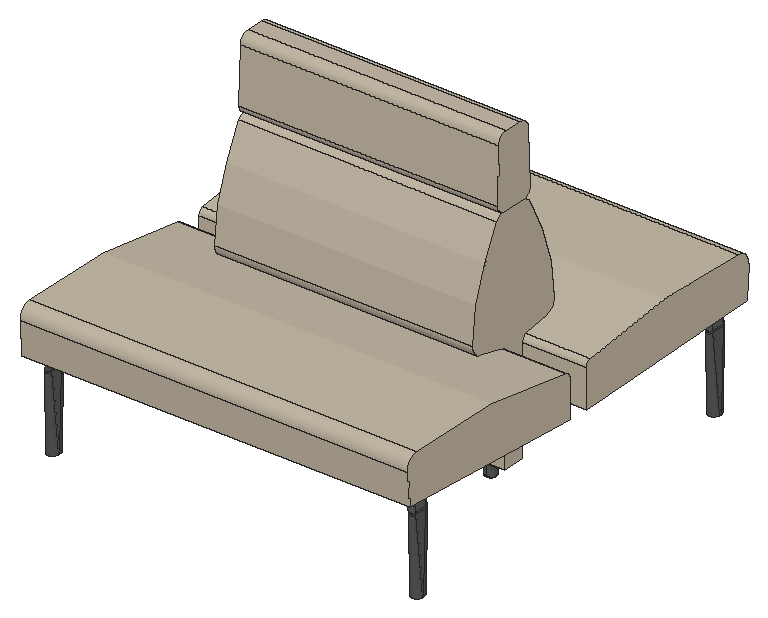
Revit family "FU_Modular_Sandler_Ambit 1057", category Furniture, Revit 2020
Family settings
  OmniClass Number = 23.40.20.00
  OmniClass Title = General Furniture and Specialties
  Work Plane-Based = No
  Always vertical = Yes
  Cut with Voids When Loaded = No
  Shared = No
  Room Calculation Point = No
Parameters (values of type "Ambit 1057")
  Width = 1200 mm
  URL = "https://www.sandlerseating.com/product/ambit-1057/"
  Seat [instance] = Fabric - Mainline Flax - Upminster MLF20
  Panel Height = 990 mm
  Panel [instance] = Fabric - Mainline Flax - Upminster MLF20
  Model = "Ambit 1057"
  Manufacturer = "Sandler"
  Back Height = 770 mm
  Frame [instance] = Metal - Paint -AL VR - Matt Jet Black
  Description = "Modular seating system. Upholstered seat and back, with feet in cast aluminium."
  Depth = 1320 mm
  Default Elevation = 0 mm
  Back [instance] = Fabric - Mainline Flax - Upminster MLF20
Reference planes
  plane 1 "Center (Front/Back)": y = 0
  plane 2: z = 0
  plane 3 "Center (Left/Right)": x = 0
  plane 4 "Right": x = -600
  plane 5 "Left": x = 600
  plane 6 "Back": y = 660
  plane 7 "Front": y = -660
  plane 8 "Height": z = 770
  plane 9 "Seat height": z = 430
  plane 10 "Panel Height": z = 990
Dimensions and locks
  equal spacing: plane 4 "Right", plane 3 "Center (Left/Right)", plane 5 "Left"
  "Width": plane 4 "Right" to plane 5 "Left"
  equal spacing: plane 6 "Back", plane 1 "Center (Front/Back)", plane 7 "Front"
  "Depth": plane 6 "Back" to plane 7 "Front"
  "Back Height": plane 8 "Height" to level
  plane 9 "Seat height" to level = 430 mm
  "Panel Height": plane 10 "Panel Height" to level
  aligned and locked: level to plane 2
Nested families
  nested 1: "Ambit DoubleBack" at (0, 0, 0), Back <- "Back", Frame <- "Frame", type "Ambit DoubleBack"
    with Frame Metal - Paint -AL VR - Matt Jet Black, Back Fabric - Mainline Flax - Upminster MLF20
  nested 2: "Ambit Double-Panel" at (0, 0, 0), Panel <- "Panel", type "Ambit Double-Panel"
    with Panel Fabric - Mainline Flax - Upminster MLF20
  nested 3: "Ambit Seat" at (0, -310, 0), Frame <- "Frame", Seat <- "Seat", type "Seat 1200mm"
    with Seat Fabric - Mainline Flax - Upminster MLF20, Frame Metal - Paint -AL VR - Matt Jet Black
  nested 4: "Ambit Seat" at (0, 310, 0), Frame <- "Frame", Seat <- "Seat", type "Seat 1200mm"
    with Seat Fabric - Mainline Flax - Upminster MLF20, Frame Metal - Paint -AL VR - Matt Jet Black
Definition of nested family "Ambit DoubleBack"
  Parameters (values of type "Ambit DoubleBack")
    Width = 800 mm
    Height = 770 mm
    Frame [instance] = none
    Depth = 320 mm
    Default Elevation = 0 mm
    Back [instance] = none
  Reference planes
    plane 1 "Center (Front/Back)": y = 0
    plane 2: z = 0
    plane 3 "Center (Left/Right)": x = 0
    plane 4 "Right": x = -400
    plane 5 "Left": x = 400
    plane 6 "Back": y = 160
    plane 7 "Front": y = -160
    plane 8 "Height": z = 770
    plane 9 "Seat height": z = 430
  Forms (mm)
    Revolve 1, solid, material <- "Frame"
      sketch origin (330.534, -318.685, 0) x (0, 1, 0) y (0, 0, 1)
        loop
          line (304.423, 40.637) -> (301.57, 2.1)
          arc (301.57, 2.1) -> (301.901, 0.817) -> (302.944, 0) r 2.065
          line (302.944, 0) -> (318.961, 0) -> (318.961, 48.022) -> (299.441, 48.022) -> (299.441, 46.076)
          arc (299.441, 46.076) -> (303.107, 44.432) -> (304.423, 40.637) r 5.065
        axis (318.961, 48.022) -> (318.961, 0)
      angle from 0 to 360
    Extrusion 2, solid, material <- "Frame"
      sketch origin (-0.482, -318.685, 51.603) x (0, -1, 0) y (1, 0, 0)
        loop
          arc (-347.852, 290.046) -> (-347.258, 288.613) -> (-345.824, 288.019) r 2.027
          line (-345.824, 288.019) -> (-291.875, 288.019)
          arc (-291.875, 288.019) -> (-290.444, 288.611) -> (-289.852, 290.042) r 2.023
          line (-289.852, 290.042) -> (-289.852, 372.037)
          arc (-289.852, 372.037) -> (-290.431, 373.436) -> (-291.83, 374.016) r 1.978
          line (-291.83, 374.016) -> (-345.837, 374.016)
          arc (-345.837, 374.016) -> (-347.262, 373.426) -> (-347.852, 372.001) r 2.015
          line (-347.852, 372.001) -> (-347.852, 290.046)
      from -5.528 to 0
    Revolve 3, solid, material <- "Frame"
      sketch origin (-330.534, -318.685, 0) x (0, 1, 0) y (0, 0, -1)
        loop
          arc (304.423, -40.637) -> (303.107, -44.432) -> (299.441, -46.076) r 5.065
          line (299.441, -46.076) -> (299.441, -48.022) -> (318.961, -48.022) -> (318.961, 0) -> (302.944, 0)
          arc (302.944, 0) -> (301.901, -0.817) -> (301.57, -2.1) r 2.065
          line (301.57, -2.1) -> (304.423, -40.637)
        axis (318.961, -48.022) -> (318.961, 0)
      angle from 0 to 360
    Extrusion 4, solid, material <- "Frame"
      sketch origin (0.482, -318.685, 51.603) x (0, -1, 0) y (1, 0, 0)
        loop
          line (-347.852, -290.046) -> (-347.852, -372.001)
          arc (-347.852, -372.001) -> (-347.262, -373.426) -> (-345.837, -374.016) r 2.015
          line (-345.837, -374.016) -> (-291.83, -374.016)
          arc (-291.83, -374.016) -> (-290.431, -373.436) -> (-289.852, -372.037) r 1.978
          line (-289.852, -372.037) -> (-289.852, -290.042)
          arc (-289.852, -290.042) -> (-290.444, -288.611) -> (-291.875, -288.019) r 2.023
          line (-291.875, -288.019) -> (-345.824, -288.019)
          arc (-345.824, -288.019) -> (-347.258, -288.613) -> (-347.852, -290.046) r 2.027
      from -5.528 to 0
    Extrusion 5, solid, material <- "Back"
      sketch origin (0, 0, 0) x (0, 1, 0) y (0, 0, 1)
        loop
          line (-33, 51.603) -> (33, 51.603) -> (33, 376.265)
          arc (33, 376.265) -> (37.75, 387.916) -> (48.518, 394.425) r 20
          arc (48.518, 394.425) -> (88.097, 402.963) -> (127.858, 410.609) r 1800.168
          arc (127.858, 410.609) -> (148.84, 423.03) -> (156.619, 446.139) r 35
          arc (156.619, 446.139) -> (130.105, 606.219) -> (62.425, 753.69) r 611.524
          arc (62.425, 753.69) -> (49.728, 765.652) -> (32.833, 770) r 35
          line (32.833, 770) -> (-32.833, 770)
          arc (-32.833, 770) -> (-49.728, 765.652) -> (-62.425, 753.69) r 35
          arc (-62.425, 753.69) -> (-130.105, 606.219) -> (-156.619, 446.139) r 611.524
          arc (-156.619, 446.139) -> (-148.84, 423.03) -> (-127.858, 410.609) r 35
          arc (-127.858, 410.609) -> (-88.097, 402.963) -> (-48.518, 394.425) r 1800.168
          arc (-48.518, 394.425) -> (-37.75, 387.916) -> (-33, 376.265) r 20
          line (-33, 376.265) -> (-33, 51.603)
      from -400 to 400
  Dimensions and locks
    equal spacing: plane 4 "Right", plane 3 "Center (Left/Right)", plane 5 "Left"
    "Width": plane 4 "Right" to plane 5 "Left"
    equal spacing: plane 6 "Back", plane 1 "Center (Front/Back)", plane 7 "Front"
    "Depth": plane 6 "Back" to plane 7 "Front"
    "Height": plane 8 "Height" to level
    plane 9 "Seat height" to level = 430 mm
    aligned and locked: level to plane 2
  Automatic sketch dimensions
    Revolve 1 sketch curve to level = 0 mm
    level to Revolve 1 sketch curve = 41.011 mm
    Revolve 1 sketch curve to plane 6 "Back" = 179.313 mm
    Revolve 1 sketch curve to Revolve 1 sketch curve = 0.069 mm
    level to Revolve 1 sketch curve = 2.1 mm
    Revolve 1 sketch curve to Revolve 1 sketch curve = 2.198 mm
    Revolve 1 sketch curve to Revolve 1 sketch curve = 1.373 mm
    level to Revolve 1 sketch curve = 1.947 mm
    level to Revolve 1 sketch curve = 40.637 mm
    Revolve 1 sketch curve to Revolve 1 sketch curve = 5.051 mm
    Revolve 1 sketch curve to Revolve 1 sketch curve = 15.332 mm
    Revolve 1 sketch curve to Revolve 1 sketch curve = 7.385 mm
    Revolve 1 sketch curve to Revolve 1 sketch curve = 0 mm
    Revolve 1 sketch curve to level = 4.899 mm
    Revolve 1 sketch curve to Revolve 1 sketch curve = 5 mm
    plane 5 "Left" to Extrusion 2 sketch curve = 110.435 mm
    Extrusion 2 sketch curve to plane 6 "Back" = 130.833 mm
    Extrusion 2 sketch curve to Extrusion 2 sketch curve = 2.015 mm
    Extrusion 2 sketch curve to Extrusion 2 sketch curve = 2.027 mm
    Extrusion 2 sketch curve to Extrusion 2 sketch curve = 53.95 mm
    Extrusion 2 sketch curve to Extrusion 2 sketch curve = 54.007 mm
    Extrusion 2 sketch curve to Extrusion 2 sketch curve = 2.023 mm
    plane 5 "Left" to Extrusion 2 sketch curve = 28.481 mm
    Revolve 3 sketch curve to level = 0 mm
    level to Revolve 3 sketch curve = 41.011 mm
    Revolve 3 sketch curve to plane 6 "Back" = 179.313 mm
    Revolve 3 sketch curve to Revolve 3 sketch curve = 0.069 mm
    level to Revolve 3 sketch curve = 2.1 mm
    Revolve 3 sketch curve to Revolve 3 sketch curve = 2.198 mm
    Revolve 3 sketch curve to Revolve 3 sketch curve = 1.373 mm
    level to Revolve 3 sketch curve = 1.947 mm
    level to Revolve 3 sketch curve = 40.637 mm
    Revolve 3 sketch curve to Revolve 3 sketch curve = 5.051 mm
    Revolve 3 sketch curve to Revolve 3 sketch curve = 15.332 mm
    Revolve 3 sketch curve to Revolve 3 sketch curve = 1.946 mm
    Revolve 3 sketch curve to Revolve 3 sketch curve = 0 mm
    Revolve 3 sketch curve to Revolve 3 sketch curve = 5 mm
    Revolve 3 sketch curve to level = 4.899 mm
    Extrusion 4 sketch curve to plane 4 "Right" = 110.435 mm
    Extrusion 4 sketch curve to plane 6 "Back" = 130.833 mm
    Extrusion 4 sketch curve to Extrusion 4 sketch curve = 2.015 mm
    Extrusion 4 sketch curve to Extrusion 4 sketch curve = 2.027 mm
    Extrusion 4 sketch curve to Extrusion 4 sketch curve = 53.95 mm
    Extrusion 4 sketch curve to Extrusion 4 sketch curve = 54.007 mm
    Extrusion 4 sketch curve to Extrusion 4 sketch curve = 2.023 mm
    Extrusion 4 sketch curve to plane 4 "Right" = 28.481 mm
    Extrusion 5 sketch curve to plane 8 "Height" = 0 mm
    Extrusion 5 sketch curve to plane 7 "Front" = 287.893 mm
    Extrusion 5 sketch curve to plane 9 "Seat height" = 2.863 mm  (x2)
    Extrusion 5 sketch curve to plane 7 "Front" = 294.609 mm
    plane 9 "Seat height" to Extrusion 5 sketch curve = 15.052 mm  (x2)
    plane 7 "Front" to Extrusion 5 sketch curve = 38.364 mm
    plane 1 "Center (Front/Back)" to Extrusion 5 sketch curve = 52.955 mm
    plane 1 "Center (Front/Back)" to Extrusion 5 sketch curve = 33 mm
    plane 1 "Center (Front/Back)" to Extrusion 5 sketch curve = 32.833 mm
    Extrusion 5 sketch curve to plane 1 "Center (Front/Back)" = 32.833 mm
    Extrusion 5 sketch curve to plane 1 "Center (Front/Back)" = 33 mm
    Extrusion 5 sketch curve to Extrusion 5 sketch curve = 19.955 mm
    Extrusion 5 sketch curve to plane 6 "Back" = 38.364 mm
    plane 6 "Back" to Extrusion 5 sketch curve = 294.609 mm
    plane 6 "Back" to Extrusion 5 sketch curve = 287.893 mm
    Extrusion 5 sketch curve to plane 9 "Seat height" = 53.735 mm  (x2)
    Extrusion 5 sketch curve to Extrusion 5 sketch curve = 1.342 mm  (x2)
    level to Extrusion 5 sketch curve = 51.603 mm
    Extrusion 5 sketch curve to level = 1360.883 mm
    Extrusion 5 sketch curve to Extrusion 5 sketch curve = 0 mm  (x6)
    Extrusion 5 sketch curve to Extrusion 5 sketch curve = 35 mm  (x2)
    plane 7 "Front" to Extrusion 5 sketch curve = 3.381 mm
Definition of nested family "Ambit Double-Panel"
  Parameters (values of type "Ambit Double-Panel")
    Width = 800 mm
    URL = ""
    Panel [instance] = none
    Overall Height = 990 mm
    Model = ""
    Manufacturer = ""
    Back Height = 770 mm
    Description = "Modular seating system."
    Depth = 700 mm
    Default Elevation = 0 mm
  Reference planes
    plane 1 "Center (Front/Back)": y = 0
    plane 2: z = 0
    plane 3 "Center (Left/Right)": x = 0
    plane 4 "Right": x = -400
    plane 5 "Left": x = 400
    plane 6 "Back": y = 350
    plane 7 "Front": y = -350
    plane 8 "Back Height": z = 770
    plane 9 "Seat height": z = 430
    plane 10 "Panel Height": z = 990
  Forms (mm)
    Extrusion 1, solid, material <- "Panel"
      sketch origin (400, -318.284, 0) x (0, -1, 0) y (0, 0, 1)
        loop
          arc (-256.086, 794.464) -> (-258.115, 877.998) -> (-261.552, 961.487) r 4957.368
          arc (-261.552, 961.487) -> (-270.834, 981.732) -> (-291.515, 990) r 30
          line (-291.515, 990) -> (-345.053, 990)
          arc (-345.053, 990) -> (-365.734, 981.732) -> (-375.016, 961.487) r 30
          arc (-375.016, 961.487) -> (-378.453, 877.998) -> (-380.483, 794.464) r 4957.368
          arc (-380.483, 794.464) -> (-373.567, 777.189) -> (-356.404, 770) r 24.082
          line (-356.404, 770) -> (-280.164, 770)
          arc (-280.164, 770) -> (-263.001, 777.189) -> (-256.086, 794.464) r 24.082
      from 0 to 800
  Dimensions and locks
    equal spacing: plane 4 "Right", plane 3 "Center (Left/Right)", plane 5 "Left"
    "Width": plane 4 "Right" to plane 5 "Left"
    equal spacing: plane 6 "Back", plane 1 "Center (Front/Back)", plane 7 "Front"
    "Depth": plane 6 "Back" to plane 7 "Front"
    "Back Height": plane 8 "Back Height" to level
    plane 9 "Seat height" to level = 430 mm
    "Overall Height": plane 10 "Panel Height" to level
    aligned and locked: level to plane 2
  Automatic sketch dimensions
    Extrusion 1 sketch curve to plane 8 "Back Height" = 0 mm
    Extrusion 1 sketch curve to plane 10 "Panel Height" = 0 mm
    Extrusion 1 sketch curve to plane 8 "Back Height" = 54.159 mm  (x2)
    plane 6 "Back" to Extrusion 1 sketch curve = 4544.546 mm
    Extrusion 1 sketch curve to plane 1 "Center (Front/Back)" = 38.12 mm
    Extrusion 1 sketch curve to plane 1 "Center (Front/Back)" = 26.769 mm
    plane 1 "Center (Front/Back)" to Extrusion 1 sketch curve = 26.769 mm
    plane 1 "Center (Front/Back)" to Extrusion 1 sketch curve = 38.12 mm
    Extrusion 1 sketch curve to plane 7 "Front" = 4544.546 mm
    plane 8 "Back Height" to Extrusion 1 sketch curve = 24.082 mm  (x2)
    Extrusion 1 sketch curve to Extrusion 1 sketch curve = 30 mm  (x2)
    Extrusion 1 sketch curve to Extrusion 1 sketch curve = 0 mm  (x2)
Definition of nested family "Ambit Seat"
  Parameters (values of type "Seat 800mm")
    Width = 800 mm
    URL = ""
    Seat [instance] = none
    Model = ""
    Manufacturer = ""
    Height = 770 mm
    Frame [instance] = none
    Description = "Modular seating system."
    Depth = 700 mm
    Default Elevation = 0 mm
  Types (3, lengths in mm): name | Width
    (no name) | 800
    Seat 800mm | 800
    Seat 1200mm | 1200
  Reference planes
    plane 1 "Center (Front/Back)": y = 0
    plane 2: z = 0
    plane 3 "Center (Left/Right)": x = 0
    plane 4 "Right": x = -400
    plane 5 "Left": x = 400
    plane 6 "Back": y = 350
    plane 7 "Front": y = -350
    plane 8 "Height": z = 770
    plane 9 "Seat height": z = 430
    plane 10 "FFT C RIGHT": z = 285.404
    plane 11 "Frame Left": x = -364
    plane 12 "Frame Right": x = 364
  Forms (mm)
    SweptBlend 1, solid, material <- "Frame"
      path origin (0, -265.648, 0) x (0, 0, -1) y (1, 0, 0)
        loop
          line (0, 364.075) -> (-239.72, 364.075)
      profile "Pro_Ambit_FFoot : Pro_Ambit_FFoot" origin (364.075, -265.648, 0) x (-1, 0, 0) y (0, -1, 0)
        loop
          arc (17.452, 3.305) -> (0, 20.142) -> (-17.452, 3.305) r 17.463
          line (-17.452, 3.305) -> (-17.452, -3.305)
          arc (-17.452, -3.305) -> (0, -20.142) -> (17.452, -3.305) r 17.463
          line (17.452, -3.305) -> (17.452, 3.305)
      end profile "Pro_Ambit_FF : Pro_Ambit_FF" origin (364.075, -265.648, 239.72) x (-1, 0, 0) y (0, -1, 0)
        loop
          arc (-10, -20.066) -> (0, -30.066) -> (10, -20.066) r 10
          line (10, -20.066) -> (10, 20.066)
          arc (10, 20.066) -> (0, 30.066) -> (-10, 20.066) r 10
          line (-10, 20.066) -> (-10, -20.066)
    Sweep 2, solid, material <- "Frame"
      path origin (0, -265.648, 0) x (0, 0, -1) y (1, 0, 0)
        loop
          line (-234.72, -364.14) -> (-239.72, -364.14)
          arc (-239.72, -364.14) -> (-272.419, -345.952) -> (-285.404, -310.86) r 53.912
          line (-285.404, -310.86) -> (-285.404, 310.86)
          arc (-285.404, 310.86) -> (-272.419, 345.952) -> (-239.72, 364.14) r 53.912
          line (-239.72, 364.14) -> (-234.72, 364.14)
      profile "Pro_Ambit_FF : Pro_Ambit_FF" origin (0, -265.648, 285.404) x (0, 0, 1) y (0, -1, 0)
        loop
          arc (-10, -20.066) -> (0, -30.066) -> (10, -20.066) r 10
          line (10, -20.066) -> (10, 20.066)
          arc (10, 20.066) -> (0, 30.066) -> (-10, 20.066) r 10
          line (-10, 20.066) -> (-10, -20.066)
    SweptBlend 3, solid, material <- "Frame"
      path origin (0, -265.648, 0) x (0, 0, -1) y (-1, 0, 0)
        loop
          line (0, 364.075) -> (-239.72, 364.075)
      profile "Pro_Ambit_FFoot : Pro_Ambit_FFoot" origin (-364.075, -265.648, 0) x (-1, 0, 0) y (0, -1, 0)
        loop
          line (-17.452, 3.305) -> (-17.452, -3.305)
          arc (-17.452, -3.305) -> (0, -20.142) -> (17.452, -3.305) r 17.463
          line (17.452, -3.305) -> (17.452, 3.305)
          arc (17.452, 3.305) -> (0, 20.142) -> (-17.452, 3.305) r 17.463
      end profile "Pro_Ambit_FF : Pro_Ambit_FF" origin (-364.075, -265.648, 239.72) x (-1, 0, 0) y (0, -1, 0)
        loop
          line (-10, 20.066) -> (-10, -20.066)
          arc (-10, -20.066) -> (0, -30.066) -> (10, -20.066) r 10
          line (10, -20.066) -> (10, 20.066)
          arc (10, 20.066) -> (0, 30.066) -> (-10, 20.066) r 10
    Extrusion 4, solid, material <- "Seat"
      sketch origin (-400, 0, 0) x (0, -1, 0) y (0, 0, 1)
        loop
          line (343.115, 289.761) -> (350.038, 388.028)
          arc (350.038, 388.028) -> (340.698, 416.645) -> (314.05, 430.647) r 40
          arc (314.05, 430.647) -> (24.831, 435.731) -> (-261.468, 394.425) r 1800.168
          arc (-261.468, 394.425) -> (-272.664, 387.398) -> (-277.031, 374.923) r 20
          line (-277.031, 374.923) -> (-277.031, 260.098) -> (343.115, 289.761)
      from -800 to 0
  Dimensions and locks
    equal spacing: plane 4 "Right", plane 3 "Center (Left/Right)", plane 5 "Left"
    "Width": plane 4 "Right" to plane 5 "Left"
    equal spacing: plane 6 "Back", plane 1 "Center (Front/Back)", plane 7 "Front"
    "Depth": plane 6 "Back" to plane 7 "Front"
    "Height": plane 8 "Height" to level
    plane 9 "Seat height" to level = 430 mm
    locked: plane 4 "Right" to plane 11 "Frame Left" at 36
    locked: plane 12 "Frame Right" to plane 5 "Left" at 36
    aligned and locked: level to plane 2
    aligned and locked: plane 4 "Right" to Extrusion 4
    aligned and locked: Extrusion 4 to plane 5 "Left"
  Automatic sketch dimensions
    SweptBlend 1 sketch curve to level = 0 mm
    SweptBlend 1 sketch curve to plane 10 "FFT C RIGHT" = 45.683 mm
    Sweep 2 sketch curve to plane 10 "FFT C RIGHT" = 0 mm
    Sweep 2 sketch curve to plane 10 "FFT C RIGHT" = 45.683 mm  (x2)
    Sweep 2 sketch curve to plane 10 "FFT C RIGHT" = 53.912 mm  (x2)
    Sweep 2 sketch curve to plane 4 "Right" = 89.14 mm
    Sweep 2 sketch curve to Sweep 2 sketch curve = 5 mm  (x2)
    SweptBlend 3 sketch curve to level = 0 mm
    plane 4 "Right" to SweptBlend 3 sketch curve = 35.925 mm
    plane 10 "FFT C RIGHT" to SweptBlend 3 sketch curve = 45.683 mm
    Extrusion 4 sketch curve to Extrusion 4 sketch curve = 20 mm
    plane 7 "Front" to Extrusion 4 sketch curve = 39.864 mm
    plane 7 "Front" to Extrusion 4 sketch curve = 6.885 mm
    Extrusion 4 sketch curve to plane 7 "Front" = 0.038 mm
    Extrusion 4 sketch curve to level = 1360.883 mm
    Extrusion 4 sketch curve to plane 10 "FFT C RIGHT" = 25.306 mm
    plane 10 "FFT C RIGHT" to Extrusion 4 sketch curve = 4.357 mm
    Extrusion 4 sketch curve to plane 9 "Seat height" = 55.077 mm
    Extrusion 4 sketch curve to plane 9 "Seat height" = 41.972 mm
    Extrusion 4 sketch curve to plane 9 "Seat height" = 39.161 mm
    Extrusion 4 sketch curve to Extrusion 4 sketch curve = 0 mm
    plane 5 "Left" to SweptBlend 1 sketch curve = 35.925 mm
    plane 5 "Left" to Sweep 2 sketch curve = 89.14 mm
    Extrusion 4 sketch curve to plane 6 "Back" = 92.969 mm
    plane 1 "Center (Front/Back)" to Extrusion 4 sketch curve = 137.907 mm
